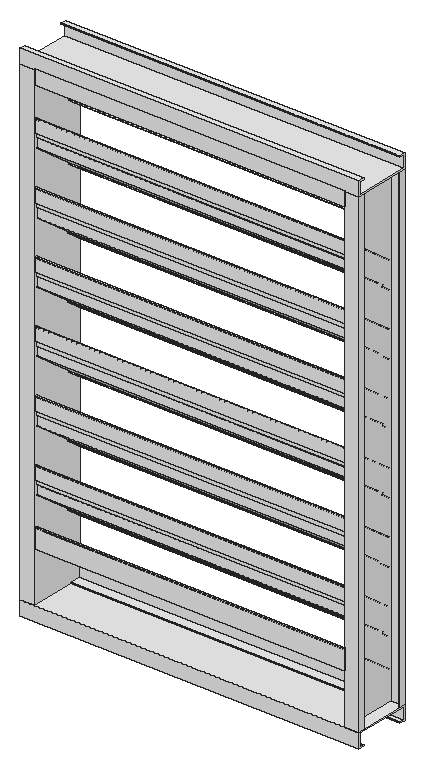
Revit family
Parameters (values of type "EAJ-437")
  Width Control = if(Width < Min Width, Min Width, if(Width > Max Width, Max Width, Width))  # 2' - 0"
  Width = 2' - 0"
  Warranty = "http://www.alllite-louvers.com/All-Lite_Warranty.pdf"
  Velocity @ .15 in. wg Pressure Loss = "1125 fpm"  # constant formula
  URL = "http://www.alllite-louvers.com/"
  Specifications = "http://www.alllite-louvers.com/catalog/AEAJ-437-csi-specification.doc"
  Screen Frame = "Removable"  # constant formula
  Product URL = "http://www.alllite-louvers.com/catalog.php?model=EAJ-437"
  Pressure Loss @ Beginning Point of Water Penetration = "0.06 in. wg."  # constant formula
  Omni Class Title = "Exterior Louvers & Grilles"  # constant formula
  Omni Class Code = "23-60 11 17"  # constant formula
  Mullion = "Visible"  # constant formula
  Maximum Size - Multiple Section = "Unlimited"  # constant formula
  Free Area Velocity @ Beginning Point of Water Penetration = "740 fpm"  # constant formula
  Free Area = "[48'' x 48'' unit] : 5.4 ft² 33.8%"  # constant formula
  Design Load = "30 psf"  # constant formula
  Screen = "1/2'' x .063'' expanded and flattened aluminum"  # constant formula
  Model = "EAJ-437"  # constant formula
  Minimum Size = "12'' x 12''"  # constant formula
  Min Width = 1' - 0"  # constant formula
  Min Height = 1' - 0"  # constant formula
  Maximum Size - Single Section = "60' x 120''"  # constant formula
  Max Width = 5' - 0"  # constant formula
  Max Height = 10' - 0"  # constant formula
  Manufacturer = "All-Lite"  # constant formula
  Louver Count = (Height Control - 0' 5") / 0' 5"  # 6
  Louver = Mill finish, 6063-T5 Extruded Aluminum
  Height Control = if(Height < Min Height, Min Height, if(Height > Max Height, Max Height, Height))  # 3' - 0"
  Height = 3' - 0"
  Frame = "4'' deep x .081 ga thick channel"  # constant formula
  Default Height = 4' - 0"
  Cut Sheet = "http://www.alllite-louvers.com/catalog/AEAJ437.pdf"
  Blades = "37° x .081'' thick J-style with 26 ga. thick perforted backing packed with noncombustible insulating material"  # constant formula
  Blade Width = Width Control - 0' 2"  # 1' - 10"
  Assembly Code = "B2010300"
  Air Volume Delivered @ Beginning Point of Water Penetration = "3996 cfm"  # constant formula
  95 CSI = "10200"  # constant formula
  04 CSI = "08 91 00"  # constant formula
Reference planes (in)
  plane 1: y = 0
  plane 2 "Center (Left/Right)": x = 0
  plane 3 "Wall Edge": y = 6
  plane 4: z = 48
  plane 5: x = 12
  plane 6: x = -12
  plane 7: z = 84
  plane 8 "blade": y = 4
  plane 9: z = 82.75
  plane 10: z = 80
  plane 11: z = 53
  plane 12: z = 77
Forms (in)
  Sweep 1, solid, material "Mill finish, 6063-T5 Extruded Aluminum" <- "Louver"
    path origin (0, 6, 96) x (1, 0, 0) y (0, 0, -1)
      loop
        line (12, 48) -> (-12, 48)
    profile "Frame Profile : 4"" origin (0, 6, 48) x (0, 0, -1) y (0, -1, 0)
      loop
        line (-1, 4) -> (-1, 0) -> (0, 0) -> (0, 0.375) -> (-0.08203, 0.375) -> (-0.08203, 0.08203) -> (-0.91797, 0.08203) -> (-0.91797, 3.91797) -> (-0.08203, 3.91797) -> (-0.08203, 3.625) -> (0, 3.625) -> (0, 4) -> (-1, 4)
  Sweep 2, solid, material "Mill finish, 6063-T5 Extruded Aluminum" <- "Louver"
    path origin (0, 6, 0) x (1, 0, 0) y (0, 0, 1)
      loop
        line (-12, 84) -> (12, 84)
    profile "Frame Profile : 4"" origin (0, 6, 84) x (0, 0, 1) y (0, -1, 0)
      loop
        line (-1, 4) -> (-1, 0) -> (0, 0) -> (0, 0.375) -> (-0.08203, 0.375) -> (-0.08203, 0.08203) -> (-0.91797, 0.08203) -> (-0.91797, 3.91797) -> (-0.08203, 3.91797) -> (-0.08203, 3.625) -> (0, 3.625) -> (0, 4) -> (-1, 4)
  Sweep 3, solid, material "Mill finish, 6063-T5 Extruded Aluminum" <- "Louver"
    path origin (0, 6, 0) x (1, 0, 0) y (0, 0, 1)
      loop
        line (12, 83) -> (12, 49)
    profile "Frame Profile : 4"" origin (12, 6, 66) x (1, 0, 0) y (0, -1, 0)
      loop
        line (-1, 4) -> (-1, 0) -> (0, 0) -> (0, 0.375) -> (-0.08203, 0.375) -> (-0.08203, 0.08203) -> (-0.91797, 0.08203) -> (-0.91797, 3.91797) -> (-0.08203, 3.91797) -> (-0.08203, 3.625) -> (0, 3.625) -> (0, 4) -> (-1, 4)
  Sweep 4, solid, material "Mill finish, 6063-T5 Extruded Aluminum" <- "Louver"
    path origin (0, 6, 0) x (-1, 0, 0) y (0, 0, 1)
      loop
        line (12, 83) -> (12, 49)
    profile "Frame Profile : 4"" origin (-12, 6, 66) x (1, 0, 0) y (0, -1, 0)
      loop
        line (1, 4) -> (0, 4) -> (0, 3.625) -> (0.08203, 3.625) -> (0.08203, 3.91797) -> (0.91797, 3.91797) -> (0.91797, 0.08203) -> (0.08203, 0.08203) -> (0.08203, 0.375) -> (0, 0.375) -> (0, 0) -> (1, 0) -> (1, 4)
  Sweep 5, solid, material "Mill finish, 6063-T5 Extruded Aluminum" <- "Louver"
    path origin (0, 6, 0) x (1, 0, 0) y (0, 0, 1)
      loop
        line (11, 49) -> (-11, 49)
    profile origin (0, 6, 49) x (0, 0, -1) y (0, -1, 0)
      loop
        line (0, 0) -> (0, 0.83203) -> (-0.08203, 0.83203) -> (-0.08203, 0.08203) -> (-1.9591, 0.08203) -> (-4.84969, 3.91797) -> (-3.58671, 3.91797) -> (-3.58671, 4) -> (-5.01422, 4) -> (-2, 0) -> (0, 0)
  Sweep 6, solid, material "Mill finish, 6063-T5 Extruded Aluminum" <- "Louver"
    path origin (0, 6, 118.72255) x (1, 0, 0) y (0, 0, -1)
      loop
        line (11, 35.72255) -> (-11, 35.72255)
    profile origin (0, 6, 83) x (0, 0, -1) y (0, -1, 0)
      loop
        line (0, 0) -> (4, 0) -> (3.24773, 0.99829) -> (3.18916, 0.93972) -> (3.83547, 0.08203) -> (0.08203, 0.08203) -> (0.08203, 3.91797) -> (0.98578, 3.91797) -> (0.98578, 4) -> (0, 4) -> (0, 0)
Lines and regions (in)
  Opening 1
    outline origin (-60, -6, 0) x (1, 0, 0) y (0, 0, 1)
      loop
        line (72, 84) -> (48, 84) -> (48, 48) -> (72, 48) -> (72, 84)
Text (in)
  text "Placement Side" at (0, 40.15149, 123.01588), in view "Right"
  text "Placement Side" at (-70.3804, 28.46503, 0), in view "Ref. Level"
  text "Placement Side" at (0, 81.62555, 140.59947), in view "Left"
Dimensions and locks (in)
  locked: plane 3 "Wall Edge" to host wall
  "Default Height": level to plane 4
  "Height Control": plane 4 to plane 7
  equal spacing: plane 6, plane 2 "Center (Left/Right)", plane 5
  "Width Control": plane 6 to plane 5
  locked: plane 9 to plane 7 at 1.25
  plane 7 to plane 4 = 3' - 0"
  locked: plane 10 to plane 7 at 4
  plane 11 to Sweep 1 = 0' - 4"
  locked: plane 12 to plane 7 at 7
  Sweep 5 to plane 11 = 0' - 4"
  equal spacing: group 1, group 3, group 4, group 5, group 6, group 2  (x3)
  aligned and locked: plane 7 to Opening 1 sketch curve
  aligned and locked: Opening 1 sketch curve to plane 5
  aligned and locked: Opening 1 sketch curve to plane 4
  aligned and locked: plane 6 to Opening 1 sketch curve
  aligned and locked: Sweep 1 sketch curve to plane 4
  aligned and locked: plane 5 to Sweep 1 sketch curve
  aligned and locked: plane 6 to Sweep 1 sketch curve
  aligned and locked: plane 7 to Sweep 2 sketch curve
  aligned and locked: plane 5 to Sweep 2 sketch curve
  aligned and locked: plane 6 to Sweep 2 sketch curve
  aligned and locked: Sweep 3 sketch curve to plane 5
  aligned and locked: Sweep 5 sketch curve to Sweep 3
  aligned and locked: Sweep 4 to Sweep 5 sketch curve
  aligned and locked: Sweep 5 sketch curve to Sweep 1
  aligned and locked: Sweep 2 to Sweep 6 sketch curve
  aligned and locked: Sweep 3 to Sweep 6 sketch curve
  aligned and locked: Sweep 6 sketch curve to Sweep 4
  aligned and locked: nested 1 to plane 11
  aligned and locked: nested 2 to plane 12
Automatic sketch dimensions
  plane 9 to Sweep 3 sketch curve = 0' - 0 1/4"
  plane 6 to Sweep 4 sketch curve = 0' - 0"
  Sweep 4 sketch curve to plane 9 = 0' - 0 1/4"
  Sweep 5 sketch curve to plane 3 "Wall Edge" = 0' - 0"
  Sweep 5 sketch curve to profile plane = 0' - 0"
  profile plane to Sweep 5 sketch curve = 0' - 0 21/256"
  plane 3 "Wall Edge" to Sweep 5 sketch curve = 0' - 0 21/256"
  Sweep 5 sketch curve to Sweep 5 sketch curve = 0' - 1.87707"
  Sweep 5 sketch curve to Sweep 5 sketch curve = 0' - 0.0409"
  Sweep 5 sketch curve to Sweep 5 sketch curve = 0' - 3.50468"
  Sweep 5 sketch curve to Sweep 5 sketch curve = 0' - 1.26298"
  Sweep 5 sketch curve to Sweep 5 sketch curve = 0' - 0.16453"
  Sweep 5 sketch curve to Sweep 5 sketch curve = 0' - 0 3/4"
  Sweep 5 sketch curve to Sweep 5 sketch curve = 0' - 3 11/128"
  Sweep 5 sketch curve to Sweep 5 sketch curve = 0' - 0 21/256"
  Sweep 6 sketch curve to plane 3 "Wall Edge" = 0' - 0"
  Sweep 6 sketch curve to profile plane = 0' - 0"
  Sweep 6 sketch curve to profile plane = 0' - 0 21/256"
  Sweep 6 sketch curve to Sweep 6 sketch curve = 0' - 0.90375"
  Sweep 6 sketch curve to profile plane = 0' - 3.18916"
  plane 3 "Wall Edge" to Sweep 6 sketch curve = 0' - 0.93972"
  plane 3 "Wall Edge" to Sweep 6 sketch curve = 0' - 0.99829"
  Sweep 6 sketch curve to Sweep 6 sketch curve = 0' - 0 15/256"
  plane 3 "Wall Edge" to Sweep 6 sketch curve = 0' - 0 21/256"
  Sweep 6 sketch curve to Sweep 6 sketch curve = 0' - 0.64631"
  Sweep 6 sketch curve to Sweep 6 sketch curve = 0' - 0.16453"
  Sweep 6 sketch curve to Sweep 6 sketch curve = 0' - 3 107/128"
  Sweep 6 sketch curve to Sweep 6 sketch curve = 0' - 0 21/256"
  plane 4 to Sweep 3 sketch curve = 0' - 1"
  Sweep 4 sketch curve to plane 4 = 0' - 1"
Nested families (in)
  nested 1: "437j" at (0, 4, 55.41891), type "437j"
  nested 2: "437j" at (0, 4, 77.41891), type "437j"
  nested 3: "437j" at (0, 4, 59.81891), type "437j"
  nested 4: "437j" at (0, 4, 64.21891), type "437j"
  nested 5: "437j" at (0, 4, 68.61891), type "437j"
  nested 6: "437j" at (0, 4, 73.01891), type "437j"
Definition of nested family "437j"
  Parameters (values of type "437j")
    W = 1' - 10"
    Louver = Galvannealed Steel
    Blade = Galvannealed Steel
    Assembly Code = ""
  Reference planes (in)
    plane 1 "Center (Front/Back)": y = 0
    plane 2: z = 0
    plane 3 "Center (Left/Right)": x = 0
    plane 4: x = -11
    plane 5: x = 11
    plane 6: z = 1.62015
    plane 7: z = 0
    plane 8: z = -2.41891
    plane 9: z = 2.50111
    plane 10: z = -0.41891
  Forms (in)
    Sweep 1, solid, material "Galvannealed Steel" <- "Blade"
      path origin (0, -2.7432, -2.41891) x (1, 0, 0) y (0, 1, 0)
        loop
          line (-11, 0.81123) -> (11, 0.81123)
      profile origin (0, -1.93197, -2.41891) x (0, 1, 0) y (0, 0, 1)
        loop
          arc (0, 0.04305) -> (0.01189, 0.02384) -> (0.03438, 0.02591) r 0.02147
          line (0.03438, 0.02591) -> (0.96306, 0.72572) -> (0.91369, 0.79123) -> (0.08203, 0.16453) -> (0.08203, 1.9591) -> (3.79297, 4.75549) -> (3.79297, 4.2128) -> (3.69847, 4.2128) -> (3.69847, 3.62196) -> (3.7805, 3.62196) -> (3.7805, 3.93054) -> (3.875, 3.93054) -> (3.875, 4.88639)
          arc (3.875, 4.88639) -> (3.86571, 4.9014) -> (3.84814, 4.89978) r 0.01677
          line (3.84814, 4.89978) -> (0.0158, 2.01191)
          arc (0.0158, 2.01191) -> (0.00417, 1.99792) -> (0, 1.98021) r 0.03969
          line (0, 1.98021) -> (0, 0.04305)
        loop
          line (0.57403, 0.56007) -> (1.03385, 0.92188) -> (1.05312, 0.8963) -> (3.73166, 2.91472) -> (3.73166, 3.58241) -> (3.69847, 3.58241) -> (3.69847, 2.93268) -> (1.20645, 1.05481) -> (1.17587, 1.09539) -> (0.53472, 0.61225) -> (0.57403, 0.56007)
  Dimensions and locks (in)
    plane 5 to plane 4 = 1' - 10"
    equal spacing: plane 4, plane 3 "Center (Left/Right)", plane 5
    "W": plane 4 to plane 5
    aligned and locked: plane 2 to level
    aligned and locked: plane 4 to Sweep 1 sketch curve
    aligned and locked: plane 5 to Sweep 1 sketch curve
  Automatic sketch dimensions
    plane 1 "Center (Front/Back)" to Sweep 1 sketch curve = 0' - 1.93197"
    Sweep 1 sketch curve to profile plane = 0' - 0"
    Sweep 1 sketch curve to profile plane = 0' - 0.0158"
    Sweep 1 sketch curve to Sweep 1 sketch curve = 0' - 0.02147"
    Sweep 1 sketch curve to Sweep 1 sketch curve = 0' - 0.01292"
    Sweep 1 sketch curve to profile plane = 0' - 0.03969"
    Sweep 1 sketch curve to profile plane = 0' - 0 21/256"
    Sweep 1 sketch curve to profile plane = 0' - 0.53472"
    Sweep 1 sketch curve to Sweep 1 sketch curve = 0' - 0.03932"
    Sweep 1 sketch curve to Sweep 1 sketch curve = 0' - 0.33966"
    Sweep 1 sketch curve to Sweep 1 sketch curve = 0' - 0.04937"
    Sweep 1 sketch curve to Sweep 1 sketch curve = 0' - 0.12015"
    Sweep 1 sketch curve to Sweep 1 sketch curve = 0' - 0.01928"
    Sweep 1 sketch curve to Sweep 1 sketch curve = 0' - 0.03058"
    plane 6 to Sweep 1 sketch curve = 0' - 0.45665"
    Sweep 1 sketch curve to Sweep 1 sketch curve = 0' - 0"
    plane 6 to Sweep 1 sketch curve = 0' - 0.10852"
    Sweep 1 sketch curve to Sweep 1 sketch curve = 0' - 0 21/256"
    Sweep 1 sketch curve to plane 6 = 0' - 0.71643"
    Sweep 1 sketch curve to Sweep 1 sketch curve = 0' - 0.0945"
    Sweep 1 sketch curve to Sweep 1 sketch curve = 0' - 0.03319"
    Sweep 1 sketch curve to Sweep 1 sketch curve = 0' - 0.05517"
    Sweep 1 sketch curve to Sweep 1 sketch curve = 0' - 0.01009"
    Sweep 1 sketch curve to Sweep 1 sketch curve = 0' - 0.01677"
    profile plane to Sweep 1 sketch curve = 0' - 2.01191"
    Sweep 1 sketch curve to Sweep 1 sketch curve = 0' - 0.02111"
    profile plane to Sweep 1 sketch curve = 0' - 1.09539"
    Sweep 1 sketch curve to Sweep 1 sketch curve = 0' - 0.04058"
    Sweep 1 sketch curve to Sweep 1 sketch curve = 0' - 0.13293"
    Sweep 1 sketch curve to Sweep 1 sketch curve = 0' - 0.10507"
    Sweep 1 sketch curve to Sweep 1 sketch curve = 0' - 0.06551"
    Sweep 1 sketch curve to Sweep 1 sketch curve = 0' - 0.17898"
    Sweep 1 sketch curve to Sweep 1 sketch curve = 0' - 0.66769"
    Sweep 1 sketch curve to Sweep 1 sketch curve = 0' - 0.03954"
    Sweep 1 sketch curve to plane 6 = 0' - 0.17373"
    Sweep 1 sketch curve to Sweep 1 sketch curve = 0' - 0.1309"
    Sweep 1 sketch curve to Sweep 1 sketch curve = 0' - 0.14202"
